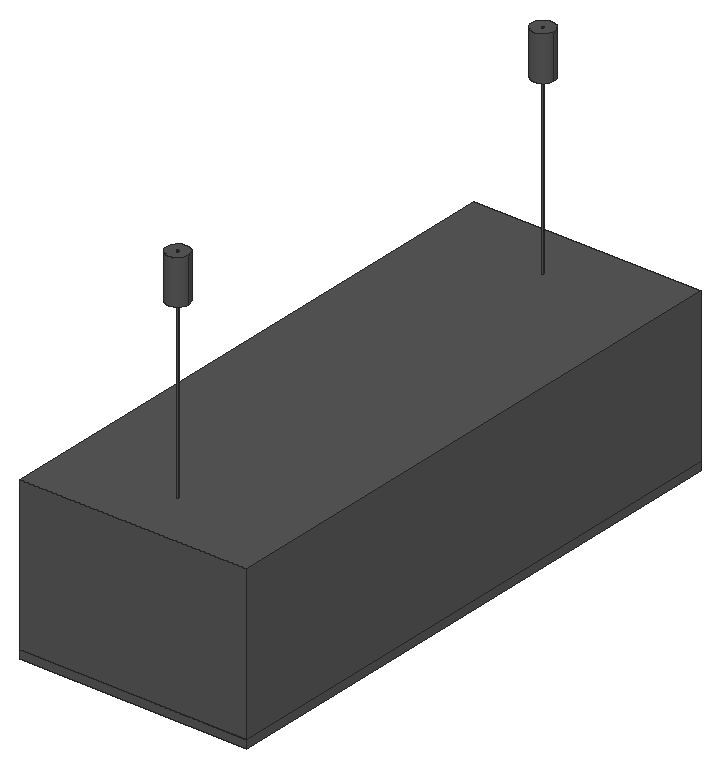
Revit family "ERA_LF_PR_SPP-404", category Осветительные приборы, Revit 2019
Family settings
  Размер круглого соединителя = Использовать диаметр
  Тип детали = Нормальный
  Номер OmniClass = 23.80.70.00
  Заголовок OmniClass = Lighting
  На основе рабочей плоскости = Нет
  Всегда вертикально = Да
  При загрузке вырезать с полостями = Нет
  Источник света = Да
  Общий = Нет
  Точка расчета площади = Да
Parameters (values of type "SPP-404-0-50K-050, LED, IP44, 257х103х73 мм (ДхШхВ), 50 Вт, 5000 К, 5250 лм, класс защиты I, в комплекте (импульсный драйвер)")
  built-in parameter 1150104 = 13.8 (stored number, unit not read)
  Чаша подвеса [instance] = yes
  built-in parameter 1150134 = 2
  Файл фотометрической сетки = "SPP-404-0-50K-050.ies"
  Угол наклона = 90.00°
  built-in parameter 1150142 = "IESNA:LM-63-1995\r\n[DATA] 08.10.2020\r\n[MANUFAC]??РА\r\n[LUMCAT] SPP-404-0-50K-50\r\n[LUMINAIRE] Светильник\r\n[LAMP] Светодиодный модуль\r\nTILT=NONE\r\n1 6142 6.142 91 1 1 2 0.275 0.102 0.072\r\n1 1 47.717\r\n0 1 2 3 4 5 6 7 8 9 10 11 12 13 14 15 16 17 18 19 20 21 22 23 24 25 26 27 28 29 30 31 32 33 34 35 36 37 38 39 40 41 42 43 44 45 46 47 48 49 50 51 52 53 54 55 56 57 58 59 60 61 62 63 64 65 66 67 68 69 70 71 72 73 74 75 76 77 78 79 80 81 82 83 84 85 86 87 88 89 90 \r\n0\r\n576.9 576.9 576.9 576.8 576.6 576.3 575.7 575.1 574.3 573.3 572.2 570.9 569.3 567.5 565.3 562.8 559.7 556.3 552.3 548 543.3 538.2 532.8 527.1 521 514.4 507.3 499.6 491.5 482.9 473.7 464.1 454 443.4 432.4 420.9 408.8 396 382.4 368.1 352.9 336.8 319.9 301.9 282.7 262.3 240.9 218.5 195.4 172.2 149.1 126.8 105.9 86.9 70.4 56.5 45.4 37.1 31.1 27.1 24.3 22.4 21 19.9 18.9 17.9 17 16.2 15.5 14.8 14.1 13.4 12.7 12 11.3 10.5 9.7 8.8 7.8 6.9 6 5.1 4.3 2.6 1.5 0 0 0 0 0 0"
  Диаметр чаши подвеса = 10.00 mm
  Высота чаши подвеса = 20.00 mm
  _УГО_Ширина = if(_Корпус_Ширина / УГО_Масштаб < 1.00 mm, 1.00 mm, _Корпус_Ширина / УГО_Масштаб)  # 1.03 mm
  УГО_Масштаб = 100
  _УГО_Длина = if(_Корпус_Длина / УГО_Масштаб < 1.00 mm, 1.00 mm, _Корпус_Длина / УГО_Масштаб)  # 2.57 mm
  _УГО_Диаметр = if(_Корпус_Длина / УГО_Масштаб < 1.00 mm, 1.00 mm, _Корпус_Длина / УГО_Масштаб)  # 2.57 mm
  УГО_Видимость [instance] = not(УГО_Реальный размер)  # yes
  УГО_Аварийный [instance] = no
  Тип установки = "Подвесной"
  Степень защиты IP = "IP44"
  built-in parameter 1150137 = (empty or 0)
  built-in parameter 1150132 = 2
  built-in parameter 1150114 = 1 (stored number, unit not read)
  Dimming Lamp Color Temperature Shift = (empty or 0)
  built-in parameter 1150105 = 417.78 (stored number, unit not read)
  Color Filter = 16777215
  Lumens = 5250 lm
  Разработчик модели = "https://www.teslabim.ru"
  built-in parameter 1150109 = 1 (stored number, unit not read)
  built-in parameter 1150112 = 1 (stored number, unit not read)
  built-in parameter 1150110 = 1 (stored number, unit not read)
  built-in parameter 1150113 = 1 (stored number, unit not read)
  built-in parameter 1150115 = 1 (stored number, unit not read)
  built-in parameter 1114218 = 1 (stored number, unit not read)
  built-in parameter 1114217 = 1 (stored number, unit not read)
  built-in parameter 1150106 = 4.1778 (stored number, unit not read)
  Emit from Rectangle Width = _Корпус_Ширина  # 103.00 mm
  Emit from Rectangle Length = _Корпус_Длина  # 257.00 mm
  _Корпус_Ширина = if(ADSK_Размер_Ширина < 1.00 mm, 1.00 mm, ADSK_Размер_Ширина)  # 103.00 mm
  _Корпус_Длина = if(ADSK_Размер_Длина < 1.00 mm, 1.00 mm, ADSK_Размер_Длина)  # 257.00 mm
  built-in parameter 1150133 = 10 (stored number, unit not read)
  Wattage = 35.3435 W
  built-in parameter 1150139 = (empty or 0)
  built-in parameter 1114216 [instance] = 1 (stored number, unit not read)
  Цвет = Чёрный
  УГО_Реальный размер [instance] = no
  Description = ""
  Lamp = ""
  Комплект = "Импульсный драйвер"
  Класс пожароопасности = "Нет"
  Класс защиты = "I"
  built-in parameter 1150138 = (empty or 0)
  built-in parameter 1150107 = 5000 (stored number, unit not read)
  built-in parameter 1150102 = (empty or 0)
  Источник света = "LED"
  Manufacturer = ""
  Длина подвеса [instance] = 100.00 mm
  Диаметр подвеса = 1.00 mm
  Геометрия изделия = "Прямоугольный"
  Видимая форма излучения при визуализации = no
  _УГО_Аварийный [instance] = if(УГО_Аварийный, "A", " ")  # " "
  _Корпус_Диаметр = if(ADSK_Размер_Диаметр < 1.00 mm, 1.00 mm, ADSK_Размер_Диаметр)  # 1.00 mm
  _Подвес_Расстояние = _Корпус_Длина - 50.00 mm  # 207.00 mm
  _Подвес_Чаша_Высота = if(Высота чаши подвеса < 1.00 mm, 1.00 mm, Высота чаши подвеса)  # 20.00 mm
  _Подвес_Длина [instance] = if(Длина подвеса < 1.00 mm, 1.00 mm, Длина подвеса)  # 100.00 mm
  _Подвес_Чаша_Диаметр = if(Диаметр чаши подвеса < 1.00 mm, 1.00 mm, Диаметр чаши подвеса)  # 10.00 mm
  _Подвес_Диаметр = if(Диаметр подвеса < 1.00 mm, 1.00 mm, Диаметр подвеса)  # 1.00 mm
  _Корпус_Высота = if(ADSK_Размер_Высота < 1.00 mm, 1.00 mm, ADSK_Размер_Высота)  # 73.00 mm
  URL = "https://www.eraworld.ru/catalog/2652037"
  ADSK_Размер_Ширина = 103.00 mm
  ADSK_Размер_Длина = 257.00 mm
  ADSK_Размер_Диаметр = 0.00 mm
  ADSK_Примечание = "Импульсный драйвер, поликарбонат"
  ADSK_Полная мощность = ADSK_Номинальная мощность / ADSK_Коэффициент мощности  # 52.6316 VA
  ADSK_Позиция = ""
  ADSK_Номинальная мощность = 50 W
  ADSK_Напряжение = 230 V
  ADSK_Наименование краткое = "Светильник"
  ADSK_Масса = 1.06
  ADSK_Марка = "SPP-404-0-50K-050"
  ADSK_Коэффициент мощности = 0.95
  ADSK_Количество фаз = 1
  ADSK_Код изделия = ""
  ADSK_Классификация нагрузок = Освещение
  ADSK_Размер_Высота = 73.00 mm
  ADSK_Обозначение = ADSK_Марка  # "SPP-404-0-50K-050"
  ADSK_Наименование = "Светильник, LED, прямоугольный, подвесной, IP44, 257х103х73 мм (ДхШхВ), 50 Вт, 5000 К, 5250 лм, класс защиты I, в комплекте (импульсный драйвер)"
  ADSK_Завод-изготовитель = "ЭРА"
  ADSK_Единица измерения = "шт."
Types (4, lengths in mm): name | built-in parameter 1150134 | Файл фотометрической сетки | built-in parameter 1150142 | _УГО_Длина | _УГО_Диаметр | Lumens | Emit from Rectangle Length | _Корпус_Длина | _Подвес_Расстояние | URL | ADSK_Размер_Длина | ADSK_Полная мощность | ADSK_Номинальная мощность | ADSK_Масса | ADSK_Марка | ADSK_Обозначение | ADSK_Наименование
  SPP-404-0-50K-200, LED, IP44, 992х103х73 мм (ДхШхВ), 200 Вт, 5000 К, 21000 лм, класс защиты I, в комплекте (импульсный драйвер) | SPP-404-0-50K-050.ies | "SPP-404-0-50K-200 .ies" | "IESNA:LM-63-1995\r\n[DATA] 13.10.2020\r\n[MANUFAC]  ЭРА\r\n[LUMCAT] SPP-404-0-50K-200\r\n[LUMINAIRE] Светильник\r\n[LAMP] Светодиодный модуль\r\nTILT=NONE\r\n1 23883 23.883 91 1 1 2 1.042 0.102 0.072\r\n1 1 191.48\r\n0 1 2 3 4 5 6 7 8 9 10 11 12 13 14 15 16 17 18 19 20 21 22 23 24 25 26 27 28 29 30 31 32 33 34 35 36 37 38 39 40 41 42 43 44 45 46 47 48 49 50 51 52 53 54 55 56 57 58 59 60 61 62 63 64 65 66 67 68 69 70 71 72 73 74 75 76 77 78 79 80 81 82 83 84 85 86 87 88 89 90 \r\n0\r\n594.9 594.9 594.9 594.9 594.6 594.2 593.6 592.8 591.9 590.7 589.6 588.3 586.8 585.2 583.2 580.8 577.9 574.4 570.6 566.3 561.7 556.9 551.8 546.4 540.5 534.1 527.1 519.4 510.9 501.7 491.9 481.4 470.2 458.4 445.8 432.4 418.2 403.1 387 369.8 351.7 332.7 312.8 291.8 269.5 245.8 221.1 195.8 170.9 146.7 123.7 102.3 83.3 67.1 53.9 43.8 36.4 31.4 28.2 26 24.4 23.1 21.9 20.9 19.9 19 18.2 17.5 16.7 15.9 15.2 14.5 13.8 13.1 12.3 11.5 10.5 9.4 8.3 7.3 6.3 5.4 4.4 2.6 1.3 0 0 0 0 0 0" | 9.92 | 9.92 | 21000 lm | 992.00 | 992.00 | 942.00 | "https://www.eraworld.ru/catalog/2652039" | 992.00 | 210.526 VA | 200 W | 3.72 | "SPP-404-0-50K-200" | "SPP-404-0-50K-200" | "Светильник, LED, прямоугольный, подвесной, IP44, 992х103х73 мм (ДхШхВ), 200 Вт, 5000 К, 21000 лм, класс защиты I, в комплекте (импульсный драйвер)"
  SPP-404-0-50K-150, LED, IP44, 747х103х73 мм (ДхШхВ), 150 Вт, 5000 К, 15750 лм, класс защиты I, в комплекте (импульсный драйвер) | SPP-404-0-50K-050.ies | "SPP-404-0-50K-150.ies" | "IESNA:LM-63-1995\r\n[DATA] 12.10.2020\r\n[MANUFAC]??РА\r\n[LUMCAT] SPP-404-0-50K-150\r\n[LUMINAIRE] Светильник\r\n[LAMP] Светодиодный модуль\r\nTILT=NONE\r\n1 17799 17.799 91 1 1 2 0.787 0.102 0.072\r\n1 1 142.97\r\n0 1 2 3 4 5 6 7 8 9 10 11 12 13 14 15 16 17 18 19 20 21 22 23 24 25 26 27 28 29 30 31 32 33 34 35 36 37 38 39 40 41 42 43 44 45 46 47 48 49 50 51 52 53 54 55 56 57 58 59 60 61 62 63 64 65 66 67 68 69 70 71 72 73 74 75 76 77 78 79 80 81 82 83 84 85 86 87 88 89 90 \r\n0\r\n615.8 615.8 615.7 615.5 615.2 614.8 614.3 613.7 612.9 612 610.9 609.6 608 606 603.6 600.8 597.5 593.7 589.6 585 580 574.7 569 562.8 556.1 548.8 540.9 532.4 523.2 513.3 502.8 491.5 479.5 466.7 453 438.2 422.2 405 386.6 367.1 346.6 324.8 301.6 276.8 250.5 223.2 195.6 168.5 142.5 118.4 96.9 78.6 63.6 51.8 43.1 37.1 33.2 30.6 28.9 27.5 26.3 25.3 24.3 23.4 22.5 21.7 21 20.2 19.5 18.8 18.1 17.3 16.6 15.9 15 14 12.9 11.7 10.5 9.4 8.3 7.3 6.3 5.2 4.2 2.1 0.8 0 0 0 0" | 7.47 | 7.47 | 15750 lm | 747.00 | 747.00 | 697.00 | "https://www.eraworld.ru/catalog/2652039" | 747.00 | 157.895 VA | 150 W | 2.84 | "SPP-404-0-50K-150" | "SPP-404-0-50K-150" | "Светильник, LED, прямоугольный, подвесной, IP44, 747х103х73 мм (ДхШхВ), 150 Вт, 5000 К, 15750 лм, класс защиты I, в комплекте (импульсный драйвер)"
  SPP-404-0-50K-100, LED, IP44, 502х103х73 мм (ДхШхВ), 100 Вт, 5000 К, 10500 лм, класс защиты I, в комплекте (импульсный драйвер) | SPP-404-0-50K-050.ies | "SPP-404-0-50K-100.ies" | "IESNA:LM-63-1995\r\n[DATA] 12.10.2020\r\n[MANUFAC]??РА\r\n[LUMCAT] SPP-404-0-50K-100\r\n[LUMINAIRE] Светильник\r\n[LAMP] Светодиодный модуль\r\nTILT=NONE\r\n1 11785 11.785 91 1 1 2 0.527 0.102 0.072\r\n1 1 93.98\r\n0 1 2 3 4 5 6 7 8 9 10 11 12 13 14 15 16 17 18 19 20 21 22 23 24 25 26 27 28 29 30 31 32 33 34 35 36 37 38 39 40 41 42 43 44 45 46 47 48 49 50 51 52 53 54 55 56 57 58 59 60 61 62 63 64 65 66 67 68 69 70 71 72 73 74 75 76 77 78 79 80 81 82 83 84 85 86 87 88 89 90 \r\n0\r\n631.8 631.7 631.4 630.9 630.3 629.6 628.9 628.2 627.5 626.7 625.7 624.5 622.9 620.8 618.3 615.2 611.7 607.8 603.5 598.7 593.6 587.9 581.8 575.1 567.8 559.9 551.4 542.1 532 521.3 509.7 497.3 484 469.6 454 437.1 419.2 400 379.8 358.7 336.3 312.5 287.3 260.9 233.7 206.1 179.1 153 128.6 106.6 87.5 71.5 58.7 49 42.1 37.4 34.2 32.2 30.6 29.3 28.2 27.1 26.1 25.2 24.3 23.4 22.7 21.9 21.1 20.3 19.5 18.7 17.9 17.1 16.2 15.1 13.9 12.6 11.4 10.2 9.1 7.9 6.8 5.7 4.6 3 0.5 0 0 0 0" | 5.02 | 5.02 | 10500 lm | 502.00 | 502.00 | 452.00 | "https://www.eraworld.ru/catalog/2652038" | 502.00 | 105.263 VA | 100 W | 1.96 | "SPP-404-0-50K-100" | "SPP-404-0-50K-100" | "Светильник, LED, прямоугольный, подвесной, IP44, 502х103х73 мм (ДхШхВ), 100 Вт, 5000 К, 10500 лм, класс защиты I, в комплекте (импульсный драйвер)"
  SPP-404-0-50K-050, LED, IP44, 257х103х73 мм (ДхШхВ), 50 Вт, 5000 К, 5250 лм, класс защиты I, в комплекте (импульсный драйвер) | 2 | "SPP-404-0-50K-050.ies" | "IESNA:LM-63-1995\r\n[DATA] 08.10.2020\r\n[MANUFAC]??РА\r\n[LUMCAT] SPP-404-0-50K-50\r\n[LUMINAIRE] Светильник\r\n[LAMP] Светодиодный модуль\r\nTILT=NONE\r\n1 6142 6.142 91 1 1 2 0.275 0.102 0.072\r\n1 1 47.717\r\n0 1 2 3 4 5 6 7 8 9 10 11 12 13 14 15 16 17 18 19 20 21 22 23 24 25 26 27 28 29 30 31 32 33 34 35 36 37 38 39 40 41 42 43 44 45 46 47 48 49 50 51 52 53 54 55 56 57 58 59 60 61 62 63 64 65 66 67 68 69 70 71 72 73 74 75 76 77 78 79 80 81 82 83 84 85 86 87 88 89 90 \r\n0\r\n576.9 576.9 576.9 576.8 576.6 576.3 575.7 575.1 574.3 573.3 572.2 570.9 569.3 567.5 565.3 562.8 559.7 556.3 552.3 548 543.3 538.2 532.8 527.1 521 514.4 507.3 499.6 491.5 482.9 473.7 464.1 454 443.4 432.4 420.9 408.8 396 382.4 368.1 352.9 336.8 319.9 301.9 282.7 262.3 240.9 218.5 195.4 172.2 149.1 126.8 105.9 86.9 70.4 56.5 45.4 37.1 31.1 27.1 24.3 22.4 21 19.9 18.9 17.9 17 16.2 15.5 14.8 14.1 13.4 12.7 12 11.3 10.5 9.7 8.8 7.8 6.9 6 5.1 4.3 2.6 1.5 0 0 0 0 0 0" | 2.57 | 2.57 | 5250 lm | 257.00 | 257.00 | 207.00 | "https://www.eraworld.ru/catalog/2652037" | 257.00 | 52.6316 VA | 50 W | 1.06 | "SPP-404-0-50K-050" | "SPP-404-0-50K-050" | "Светильник, LED, прямоугольный, подвесной, IP44, 257х103х73 мм (ДхШхВ), 50 Вт, 5000 К, 5250 лм, класс защиты I, в комплекте (импульсный драйвер)"
Reference planes
  plane 1 "По центру (Вперед/Назад)": y = 0
  plane 2: z = 0
  plane 3 "По центру (Влево/Вправо)": x = 0
  plane 4 "ИС": z = -173
  plane 5 "H": z = -100
  plane 6 "П2": y = -103.5
  plane 7 "П1": y = 103.5
Dimensions and locks
  "_Подвес_Длина": plane 5 "H" to plane 2
  "ADSK_Размер_Высота": plane 4 "ИС" to plane 5 "H"
  equal spacing: plane 7 "П1", plane 1 "По центру (Вперед/Назад)", plane 6 "П2"
  "_Подвес_Расстояние": plane 7 "П1" to plane 6 "П2"
  aligned and locked: level to plane 2
  aligned and locked: imposter light to plane 4 "ИС"
  aligned and locked: nested 2 to plane 3 "По центру (Влево/Вправо)"
  aligned and locked: plane 1 "По центру (Вперед/Назад)" to nested 2
  aligned and locked: plane 3 "По центру (Влево/Вправо)" to nested 4
  aligned and locked: plane 3 "По центру (Влево/Вправо)" to nested 3
  aligned and locked: plane 6 "П2" to nested 4
  aligned and locked: plane 7 "П1" to nested 3
Nested families
  nested 1: "GA_УГО" at (0, 0, 0), visible <- "УГО_Видимость", Аварийный <- "УГО_Аварийный", type "Прямоугольник", detail levels coarse+medium
    with Аварийный no, Ширина 1.03 mm, Длина 2.57 mm
  nested 2: "GM_ОП_Пр_Корпус" at (0, 0, -100) x (-1, 0, 0) z (0, 0, -1), type "GM_ОП_Пр_Корпус"
    with Рассеиватель_Высота 3.65 mm, Корпус_Ширина 103.00 mm, Корпус_Длина 257.00 mm, Корпус_Высота 73.00 mm, Кант_Ширина 5.15 mm
  nested 3: "GM_Подвес" at (0, 103.5, 0), type "GM_Подвес"
    with Чаша yes, Диаметр чаши подвеса 10.00 mm, Высота чаши подвеса 20.00 mm
  nested 4: "GM_Подвес" at (0, -103.5, 0), type "GM_Подвес"
    with Чаша yes, Диаметр чаши подвеса 10.00 mm, Высота чаши подвеса 20.00 mm
Connectors
  electrical at (0, 0, 0), driven by "ADSK_Коэффициент мощности", driven by "ADSK_Количество фаз", driven by "ADSK_Классификация нагрузок", driven by "ADSK_Напряжение", driven by "ADSK_Полная мощность"
    settings: index 1, voltage 230 V, apparent load 52.6316 VA, apparent load phase1 0 VA, apparent load phase2 0 VA, apparent load phase3 0 VA, power factor 0.95, load classification "Освещение", number of poles 1, system type 30, power factor state 1, is connector primary yes, connector utility no, sub classification motor no, connector description ""
Definition of nested family "GM_ОП_Пр_Корпус"
  Parameters (values of type "GM_ОП_Пр_Корпус")
    Рассеиватель_Высота = Корпус_Высота * 0.05  # 1.30 mm
    Корпус_Ширина = 80.00 mm
    Цвет = none
    Реальный размер = no
    Default Elevation = 1000.00 mm
    Корпус_Длина = 100.00 mm
    Корпус_Высота = 26.00 mm
    Кант_Ширина = Корпус_Ширина * 0.05  # 4.00 mm
  Reference planes
    plane 1 "По центру (Вперед/Назад)": y = 0
    plane 2: z = 0
    plane 3 "По центру (Влево/Вправо)": x = 0
    plane 4 "Ш1": x = 40
    plane 5 "Ш2": x = -40
    plane 6 "Д1": y = 50
    plane 7 "Д2": y = -50
    plane 8 "В": z = 26
    plane 9 "Р": z = 24.7
  Forms (mm)
    Extrusion 1, solid, material <- "Цвет", detail levels fine
      sketch origin (0, 0, 0) x (1, 0, 0) y (0, 1, 0)
        loop
          line (40, -50) -> (40, 50) -> (-40, 50) -> (-40, -50) -> (40, -50)
      from 0 to 24.7
    Extrusion 2, solid, visible <- "Реальный размер", detail levels coarse+medium
      sketch origin (0, 0, 0) x (1, 0, 0) y (0, 1, 0)
        loop
          line (-40, 50) -> (-40, -50) -> (40, -50) -> (40, 50) -> (-40, 50)
      from 0 to 26 <- "Корпус_Высота"
  Dimensions and locks
    equal spacing: plane 5 "Ш2", plane 3 "По центру (Влево/Вправо)", plane 4 "Ш1"
    "Корпус_Ширина": plane 5 "Ш2" to plane 4 "Ш1"
    equal spacing: plane 6 "Д1", plane 1 "По центру (Вперед/Назад)", plane 7 "Д2"
    "Корпус_Длина": plane 6 "Д1" to plane 7 "Д2"
    "Корпус_Высота": plane 2 to plane 8 "В"
    "Рассеиватель_Высота": plane 9 "Р" to plane 8 "В"
    aligned and locked: level to plane 2
    aligned and locked: plane 5 "Ш2" to Extrusion 1
    aligned and locked: Extrusion 1 to plane 4 "Ш1"
    aligned and locked: Extrusion 1 to plane 6 "Д1"
    aligned and locked: plane 7 "Д2" to Extrusion 1
    aligned and locked: plane 6 "Д1" to Extrusion 2 sketch curve
    aligned and locked: Extrusion 2 sketch curve to plane 7 "Д2"
    aligned and locked: Extrusion 2 sketch curve to plane 5 "Ш2"
    aligned and locked: plane 4 "Ш1" to Extrusion 2 sketch curve
    aligned and locked: Extrusion 1 to plane 2
    aligned and locked: Extrusion 2 to plane 2
    aligned and locked: nested 1 to plane 8 "В"
    aligned and locked: plane 3 "По центру (Влево/Вправо)" to nested 1
    aligned and locked: plane 1 "По центру (Вперед/Назад)" to nested 1
    aligned and locked: Extrusion 1 to plane 9 "Р"
  Automatic sketch dimensions
    Extrusion 1 sketch curve to plane 5 "Ш2" = 0.00 mm
    Extrusion 1 sketch curve to plane 4 "Ш1" = 0.00 mm
    plane 7 "Д2" to Extrusion 1 sketch curve = 0.00 mm
    plane 6 "Д1" to Extrusion 1 sketch curve = 0.00 mm
  Nested families
    nested 1: "GM_ОП_Пр_Рассеиватель" at (0, 0, 24.7), type "GM_ОП_Пр_Рассеиватель"
  Definition of nested family "GM_ОП_Пр_Рассеиватель"
    Parameters (values of type "GM_ОП_Пр_Рассеиватель")
      Корпус_Ширина = 80.00 mm
      Цвет = none
      Default Elevation = 1000.00 mm
      Корпус_Длина = 100.00 mm
      Корпус_Высота = 1.30 mm
      Кант_Ширина = 5.00 mm
    Reference planes
      plane 1 "По центру (Вперед/Назад)": y = 0
      plane 2: z = 0
      plane 3 "По центру (Влево/Вправо)": x = 0
      plane 4 "Ш1": x = 40
      plane 5 "Ш2": x = -40
      plane 6 "Д1": y = 50
      plane 7 "Д2": y = -50
    Forms (mm)
      Extrusion 1, solid, material <- "Цвет", detail levels fine
        sketch origin (0, 0, 0) x (1, 0, 0) y (0, 1, 0)
          loop
            line (40, -50) -> (40, 50) -> (-40, 50) -> (-40, -50) -> (40, -50)
          loop
            line (-35, 45) -> (-35, -45) -> (35, -45) -> (35, 45) -> (-35, 45)
        from 0 to 1.3 <- "Корпус_Высота"
      Extrusion 2, solid, detail levels fine
        sketch origin (20, -32.684, 0) x (1, 0, 0) y (0, 1, 0)
          loop
            line (-55, 77.684) -> (-55, -12.316) -> (15, -12.316) -> (15, 77.684) -> (-55, 77.684)
        from 0 to 1.3 <- "Корпус_Высота"
    Dimensions and locks
      equal spacing: plane 5 "Ш2", plane 3 "По центру (Влево/Вправо)", plane 4 "Ш1"
      "Корпус_Ширина": plane 5 "Ш2" to plane 4 "Ш1"
      equal spacing: plane 6 "Д1", plane 1 "По центру (Вперед/Назад)", plane 7 "Д2"
      "Корпус_Длина": plane 6 "Д1" to plane 7 "Д2"
      "Кант_Ширина": plane 5 "Ш2" to Extrusion 2 sketch curve
      "Кант_Ширина": Extrusion 2 sketch curve to plane 4 "Ш1"
      "Кант_Ширина": plane 6 "Д1" to Extrusion 2 sketch curve
      "Кант_Ширина": plane 7 "Д2" to Extrusion 2 sketch curve
      aligned and locked: level to plane 2
      aligned and locked: plane 5 "Ш2" to Extrusion 1
      aligned and locked: Extrusion 1 to plane 4 "Ш1"
      aligned and locked: Extrusion 1 to plane 6 "Д1"
      aligned and locked: plane 7 "Д2" to Extrusion 1
      aligned and locked: Extrusion 1 to plane 2
      aligned and locked: Extrusion 1 sketch curve to Extrusion 2  (x4)
    Automatic sketch dimensions
      Extrusion 1 sketch curve to plane 5 "Ш2" = 0.00 mm
      Extrusion 1 sketch curve to plane 4 "Ш1" = 0.00 mm
      plane 7 "Д2" to Extrusion 1 sketch curve = 0.00 mm
      plane 6 "Д1" to Extrusion 1 sketch curve = 0.00 mm
Definition of nested family "GM_Подвес"
  Parameters (values of type "GM_Подвес")
    Чаша = no
    Цвет = none
    Реальный размер = no
    Default Elevation = 1000.00 mm
    Длина подвеса = 100.00 mm
    Диаметр чаши подвеса = 25.00 mm
    Диаметр подвеса = 1.00 mm
    Высота чаши подвеса = 50.00 mm
  Reference planes
    plane 1 "По центру (Вперед/Назад)": y = 0
    plane 2: z = 0
    plane 3 "По центру (Влево/Вправо)": x = 0
    plane 4 "П": z = -100
    plane 5 "Ч": z = -50
  Forms (mm)
    Extrusion 1, solid, material <- "Цвет", detail levels fine
      sketch origin (0, 0, 0) x (1, 0, 0) y (0, 1, 0)
        loop
          circle (0, 0) r 0.5
      from 0 to -100
    Extrusion 2, solid, material <- "Цвет", visible <- "Чаша", detail levels fine
      sketch origin (0, 0, 0) x (1, 0, 0) y (0, 1, 0)
        loop
          circle (0, 0) r 12.5
      from 0 to -50
  Lines and regions (mm)
    model lines, visible <- "Реальный размер", detail levels coarse+medium
      curve 1: line (0, 0, -100) -> (0, 0, 0)
  Dimensions and locks
    "Длина подвеса": plane 4 "П" to plane 2
    "Высота чаши подвеса": plane 5 "Ч" to plane 2
    "Диаметр чаши подвеса": diameter of Extrusion 2 sketch curve
    "Диаметр подвеса": diameter of Extrusion 1 sketch curve
    aligned and locked: level to plane 2
    aligned and locked: plane 4 "П" to Extrusion 1
    aligned and locked: plane 2 to Extrusion 1
    aligned and locked: level to curve 1
    aligned and locked: curve 1 to plane 4 "П"
    aligned and locked: curve 1 to plane 3 "По центру (Влево/Вправо)"
    aligned and locked: plane 5 "Ч" to Extrusion 2
  Automatic sketch dimensions
    plane 1 "По центру (Вперед/Назад)" to Extrusion 1 sketch curve = 0.00 mm
    Extrusion 1 sketch curve to plane 3 "По центру (Влево/Вправо)" = 0.00 mm
    plane 1 "По центру (Вперед/Назад)" to Extrusion 2 sketch curve = 0.00 mm
    Extrusion 2 sketch curve to plane 3 "По центру (Влево/Вправо)" = 0.00 mm
Definition of nested family "GA_УГО"
  Parameters (values of type "Прямоугольник")
    Ширина = 10.00 mm
    Прямоугольник = yes
    Круг = no
    Длина = 10.00 mm
    Диаметр = 10.00 mm
    Аварийный [instance] = yes
  Types (3, lengths in mm): name | Прямоугольник | Круг | Аварийный
    Круг | no | yes | yes
    Прямоугольник | yes | no | yes
    Нет | no | no | no
  Reference planes
    plane 1: y = 0
    plane 2: x = 0
  Lines and regions (mm)
    detail lines, visible <- "Круг"
      curve 1: circle (0, 0, 0) r 5 normal (0, 0, 1)
    detail lines, visible <- "Прямоугольник"
      curve 2: line (-5, -5, 0) -> (5, -5, 0)
      curve 3: line (-5, 5, 0) -> (-5, -5, 0)
      curve 4: line (5, 5, 0) -> (-5, 5, 0)
      curve 5: line (5, -5, 0) -> (5, 5, 0)
  Text (mm)
    text "А" at (-0.656, 1.428, 0), visible <- "Аварийный"
  Dimensions and locks
    equal spacing: curve 3, plane 2, curve 5
    equal spacing: curve 2, plane 1, curve 4
    "Ширина": curve 3 to curve 5
    "Длина": curve 2 to curve 4
    "Диаметр": diameter of curve 1
    aligned and locked: plane 2 to curve 1
    aligned and locked: plane 1 to curve 1
